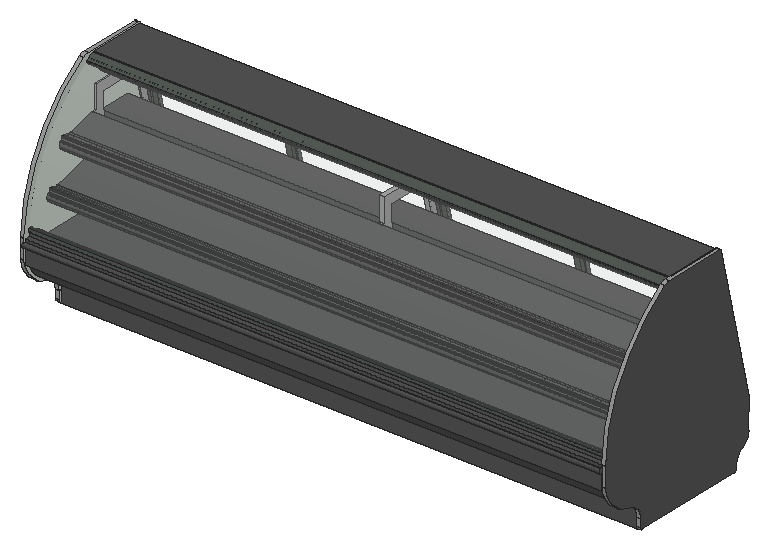
Revit family "ESBDHV_2014", category Specialty Equipment, Revit 2014 (continued)
Automatic sketch dimensions
  Extrusion 23 sketch curve to Extrusion 23 sketch curve = 1.32343"
  Extrusion 23 sketch curve to Extrusion 23 sketch curve = 0.32848"
  Extrusion 23 sketch curve to Extrusion 23 sketch curve = 1.52224"
  Extrusion 23 sketch curve to Extrusion 23 sketch curve = 0.04312"
  Extrusion 23 sketch curve to Extrusion 23 sketch curve = 0.74177"
  Extrusion 23 sketch curve to Extrusion 23 sketch curve = 1.26897"
  Extrusion 23 sketch curve to Extrusion 23 sketch curve = 0.04369"  (x2)
  Extrusion 23 sketch curve to Extrusion 23 sketch curve = 0.7271"  (x2)
  Extrusion 23 sketch curve to Extrusion 23 sketch curve = 0.18734"  (x2)
  Extrusion 23 sketch curve to Extrusion 23 sketch curve = 0.32655"
  Extrusion 23 sketch curve to Extrusion 23 sketch curve = 0.11253"
  Extrusion 23 sketch curve to Extrusion 23 sketch curve = 1/16"
  Extrusion 23 sketch curve to Extrusion 23 sketch curve = 0.75037"  (x2)
  Extrusion 23 sketch curve to Extrusion 23 sketch curve = 0.04149"  (x2)
  Extrusion 23 sketch curve to Extrusion 23 sketch curve = 0.13643"  (x2)
  Extrusion 23 sketch curve to Extrusion 23 sketch curve = 0.3302"  (x2)
  Extrusion 23 sketch curve to Extrusion 23 sketch curve = 0.36935"  (x2)
  Extrusion 23 sketch curve to Extrusion 23 sketch curve = 5.19877"
  Extrusion 23 sketch curve to Extrusion 23 sketch curve = 1.26401"
  Extrusion 23 sketch curve to Extrusion 23 sketch curve = 1.62254"
  Extrusion 23 sketch curve to Extrusion 23 sketch curve = 0.04984"
  Extrusion 23 sketch curve to Extrusion 23 sketch curve = 0.41992"
  Extrusion 23 sketch curve to Extrusion 23 sketch curve = 0.50158"
  Extrusion 23 sketch curve to Extrusion 23 sketch curve = 0.03439"
  Extrusion 23 sketch curve to Extrusion 23 sketch curve = 1.16867"
  Extrusion 26 sketch curve to Extrusion 26 sketch curve = 0.09404"
  Extrusion 26 sketch curve to Extrusion 26 sketch curve = 0.2658"
  Extrusion 26 sketch curve to Extrusion 26 sketch curve = 0.17176"
  Extrusion 26 sketch curve to Extrusion 26 sketch curve = 0.04251"  (x2)
  Extrusion 26 sketch curve to Extrusion 26 sketch curve = 0.04837"  (x2)
  Extrusion 26 sketch curve to Extrusion 26 sketch curve = 0.62722"
  Extrusion 26 sketch curve to Extrusion 26 sketch curve = 0.55908"
  Extrusion 26 sketch curve to Extrusion 26 sketch curve = 0.3471"  (x2)
  Extrusion 26 sketch curve to Extrusion 26 sketch curve = 0.19605"  (x2)
  Extrusion 26 sketch curve to Extrusion 26 sketch curve = 0.05047"  (x2)
  Extrusion 26 sketch curve to Extrusion 26 sketch curve = 0.36832"
  Extrusion 26 sketch curve to Extrusion 26 sketch curve = 0.39422"
  Extrusion 26 sketch curve to Extrusion 26 sketch curve = 0.13378"  (x2)
  Extrusion 26 sketch curve to Extrusion 26 sketch curve = 0.20492"  (x2)
  Extrusion 26 sketch curve to Extrusion 26 sketch curve = 0.25538"
  Extrusion 26 sketch curve to Extrusion 26 sketch curve = 1.85"  (x3)
  Extrusion 26 sketch curve to Extrusion 26 sketch curve = 0.295"  (x2)
  Extrusion 26 sketch curve to Extrusion 26 sketch curve = 0.044"  (x2)
  Extrusion 26 sketch curve to Extrusion 26 sketch curve = 0.57353"
  Extrusion 26 sketch curve to Extrusion 26 sketch curve = 0.63591"
  Extrusion 26 sketch curve to Extrusion 26 sketch curve = 8.04304"
  Extrusion 26 sketch curve to Extrusion 26 sketch curve = 1.33836"
  Extrusion 26 sketch curve to Extrusion 26 sketch curve = 1.70167"
  Extrusion 26 sketch curve to Extrusion 26 sketch curve = 2.15449"
  Extrusion 26 sketch curve to Extrusion 26 sketch curve = 1.36061"  (x2)
  Extrusion 26 sketch curve to Extrusion 26 sketch curve = 3.467"  (x2)
  Extrusion 26 sketch curve to Extrusion 26 sketch curve = 12.13288"
  Extrusion 26 sketch curve to Extrusion 26 sketch curve = 0.39019"
  Extrusion 26 sketch curve to Extrusion 26 sketch curve = 2.70488"
  Extrusion 26 sketch curve to Extrusion 26 sketch curve = 0.0262"
  Extrusion 26 sketch curve to Extrusion 26 sketch curve = 0.10853"
  Extrusion 26 sketch curve to Extrusion 26 sketch curve = 2.3"  (x2)
  Extrusion 26 sketch curve to Extrusion 26 sketch curve = 0.96123"
  Extrusion 26 sketch curve to Extrusion 26 sketch curve = 1.32343"
  Extrusion 26 sketch curve to Extrusion 26 sketch curve = 0.32848"
  Extrusion 26 sketch curve to Extrusion 26 sketch curve = 1.52224"
  Extrusion 26 sketch curve to Extrusion 26 sketch curve = 0.04312"
  Extrusion 26 sketch curve to Extrusion 26 sketch curve = 0.74177"
  Extrusion 26 sketch curve to Extrusion 26 sketch curve = 1.26897"
  Extrusion 26 sketch curve to Extrusion 26 sketch curve = 0.04369"  (x2)
  Extrusion 26 sketch curve to Extrusion 26 sketch curve = 0.7271"  (x2)
  Extrusion 26 sketch curve to Extrusion 26 sketch curve = 0.18734"  (x2)
  Extrusion 26 sketch curve to Extrusion 26 sketch curve = 0.32655"
  Extrusion 26 sketch curve to Extrusion 26 sketch curve = 0.11253"
  Extrusion 26 sketch curve to Extrusion 26 sketch curve = 1/16"
  Extrusion 26 sketch curve to Extrusion 26 sketch curve = 0.75037"  (x2)
  Extrusion 26 sketch curve to Extrusion 26 sketch curve = 0.04149"  (x2)
  Extrusion 26 sketch curve to Extrusion 26 sketch curve = 0.13643"  (x2)
  Extrusion 26 sketch curve to Extrusion 26 sketch curve = 0.3302"  (x2)
  Extrusion 26 sketch curve to Extrusion 26 sketch curve = 0.36935"  (x2)
  Extrusion 26 sketch curve to Extrusion 26 sketch curve = 5.19877"
  Extrusion 26 sketch curve to Extrusion 26 sketch curve = 1.26401"
  Extrusion 26 sketch curve to Extrusion 26 sketch curve = 1.62254"
  Extrusion 26 sketch curve to Extrusion 26 sketch curve = 0.04984"
  Extrusion 26 sketch curve to Extrusion 26 sketch curve = 0.41992"
  Extrusion 26 sketch curve to Extrusion 26 sketch curve = 0.50158"
  Extrusion 26 sketch curve to Extrusion 26 sketch curve = 0.03439"
  Extrusion 26 sketch curve to Extrusion 26 sketch curve = 1.16867"
  Extrusion 25 sketch curve to Extrusion 25 sketch curve = 0.09404"
  Extrusion 25 sketch curve to Extrusion 25 sketch curve = 0.2658"
  Extrusion 25 sketch curve to Extrusion 25 sketch curve = 0.17176"
  Extrusion 25 sketch curve to Extrusion 25 sketch curve = 0.04251"  (x2)
  Extrusion 25 sketch curve to Extrusion 25 sketch curve = 0.04837"  (x2)
  Extrusion 25 sketch curve to Extrusion 25 sketch curve = 0.62722"
  Extrusion 25 sketch curve to Extrusion 25 sketch curve = 0.55908"
  Extrusion 25 sketch curve to Extrusion 25 sketch curve = 0.3471"  (x2)
  Extrusion 25 sketch curve to Extrusion 25 sketch curve = 0.19605"  (x2)
  Extrusion 25 sketch curve to Extrusion 25 sketch curve = 0.05047"  (x2)
  Extrusion 25 sketch curve to Extrusion 25 sketch curve = 0.36832"
  Extrusion 25 sketch curve to Extrusion 25 sketch curve = 0.39422"
  Extrusion 25 sketch curve to Extrusion 25 sketch curve = 0.13378"  (x2)
  Extrusion 25 sketch curve to Extrusion 25 sketch curve = 0.20492"  (x2)
  Extrusion 25 sketch curve to Extrusion 25 sketch curve = 0.25538"
  Extrusion 25 sketch curve to Extrusion 25 sketch curve = 1.85"  (x3)
  Extrusion 25 sketch curve to Extrusion 25 sketch curve = 0.295"  (x2)
  Extrusion 25 sketch curve to Extrusion 25 sketch curve = 0.044"  (x2)
  Extrusion 25 sketch curve to Extrusion 25 sketch curve = 0.57353"
  Extrusion 25 sketch curve to Extrusion 25 sketch curve = 0.63591"
  Extrusion 25 sketch curve to Extrusion 25 sketch curve = 8.04304"
  Extrusion 25 sketch curve to Extrusion 25 sketch curve = 1.33836"
  Extrusion 25 sketch curve to Extrusion 25 sketch curve = 1.70167"
  Extrusion 25 sketch curve to Extrusion 25 sketch curve = 2.15449"
  Extrusion 25 sketch curve to Extrusion 25 sketch curve = 1.36061"  (x2)
  Extrusion 25 sketch curve to Extrusion 25 sketch curve = 3.467"  (x2)
  Extrusion 25 sketch curve to Extrusion 25 sketch curve = 12.13288"
  Extrusion 25 sketch curve to Extrusion 25 sketch curve = 0.39019"
  Extrusion 25 sketch curve to Extrusion 25 sketch curve = 2.70488"
  Extrusion 25 sketch curve to Extrusion 25 sketch curve = 0.0262"
  Extrusion 25 sketch curve to Extrusion 25 sketch curve = 0.10853"
  Extrusion 25 sketch curve to Extrusion 25 sketch curve = 2.3"  (x2)
  Extrusion 25 sketch curve to Extrusion 25 sketch curve = 0.96123"
  Extrusion 25 sketch curve to Extrusion 25 sketch curve = 1.32343"
  Extrusion 25 sketch curve to Extrusion 25 sketch curve = 0.32848"
  Extrusion 25 sketch curve to Extrusion 25 sketch curve = 1.52224"
  Extrusion 25 sketch curve to Extrusion 25 sketch curve = 0.04312"
  Extrusion 25 sketch curve to Extrusion 25 sketch curve = 0.74177"
  Extrusion 25 sketch curve to Extrusion 25 sketch curve = 1.26897"
  Extrusion 25 sketch curve to Extrusion 25 sketch curve = 0.04369"  (x2)
  Extrusion 25 sketch curve to Extrusion 25 sketch curve = 0.7271"  (x2)
  Extrusion 25 sketch curve to Extrusion 25 sketch curve = 0.18734"  (x2)
  Extrusion 25 sketch curve to Extrusion 25 sketch curve = 0.32655"
  Extrusion 25 sketch curve to Extrusion 25 sketch curve = 0.11253"
  Extrusion 25 sketch curve to Extrusion 25 sketch curve = 1/16"
  Extrusion 25 sketch curve to Extrusion 25 sketch curve = 0.75037"  (x2)
  Extrusion 25 sketch curve to Extrusion 25 sketch curve = 0.04149"  (x2)
  Extrusion 25 sketch curve to Extrusion 25 sketch curve = 0.13643"  (x2)
  Extrusion 25 sketch curve to Extrusion 25 sketch curve = 0.3302"  (x2)
  Extrusion 25 sketch curve to Extrusion 25 sketch curve = 0.36935"  (x2)
  Extrusion 25 sketch curve to Extrusion 25 sketch curve = 5.19877"
  Extrusion 25 sketch curve to Extrusion 25 sketch curve = 1.26401"
  Extrusion 25 sketch curve to Extrusion 25 sketch curve = 1.62254"
  Extrusion 25 sketch curve to Extrusion 25 sketch curve = 0.04984"
  Extrusion 25 sketch curve to Extrusion 25 sketch curve = 0.41992"
  Extrusion 25 sketch curve to Extrusion 25 sketch curve = 0.50158"
  Extrusion 25 sketch curve to Extrusion 25 sketch curve = 0.03439"
  Extrusion 25 sketch curve to Extrusion 25 sketch curve = 1.16867"
  Extrusion 14 sketch curve to Extrusion 14 sketch curve = 0.09404"
  Extrusion 14 sketch curve to Extrusion 14 sketch curve = 0.2658"
  Extrusion 14 sketch curve to Extrusion 14 sketch curve = 0.17176"
  Extrusion 14 sketch curve to Extrusion 14 sketch curve = 0.04251"  (x2)
  Extrusion 14 sketch curve to Extrusion 14 sketch curve = 0.04837"  (x2)
  Extrusion 14 sketch curve to Extrusion 14 sketch curve = 0.62722"
  Extrusion 14 sketch curve to Extrusion 14 sketch curve = 0.55908"
  Extrusion 14 sketch curve to Extrusion 14 sketch curve = 0.3471"  (x2)
  Extrusion 14 sketch curve to Extrusion 14 sketch curve = 0.19605"  (x2)
  Extrusion 14 sketch curve to Extrusion 14 sketch curve = 0.05047"  (x2)
  Extrusion 14 sketch curve to Extrusion 14 sketch curve = 0.36832"
  Extrusion 14 sketch curve to Extrusion 14 sketch curve = 0.39422"
  Extrusion 14 sketch curve to Extrusion 14 sketch curve = 0.13378"  (x2)
  Extrusion 14 sketch curve to Extrusion 14 sketch curve = 0.20492"  (x2)
  Extrusion 14 sketch curve to Extrusion 14 sketch curve = 0.25538"
  Extrusion 14 sketch curve to Extrusion 14 sketch curve = 1.85"  (x3)
  Extrusion 14 sketch curve to Extrusion 14 sketch curve = 0.295"  (x2)
  Extrusion 14 sketch curve to Extrusion 14 sketch curve = 0.044"  (x2)
  Extrusion 14 sketch curve to Extrusion 14 sketch curve = 0.57353"
  Extrusion 14 sketch curve to Extrusion 14 sketch curve = 0.63591"
  Extrusion 14 sketch curve to Extrusion 14 sketch curve = 8.04304"
  Extrusion 14 sketch curve to Extrusion 14 sketch curve = 1.33836"
  Extrusion 14 sketch curve to Extrusion 14 sketch curve = 1.70167"
  Extrusion 14 sketch curve to Extrusion 14 sketch curve = 2.15449"
  Extrusion 14 sketch curve to Extrusion 14 sketch curve = 1.36061"  (x2)
  Extrusion 14 sketch curve to Extrusion 14 sketch curve = 3.467"  (x2)
  Extrusion 14 sketch curve to Extrusion 14 sketch curve = 12.13288"
  Extrusion 14 sketch curve to Extrusion 14 sketch curve = 0.39019"
  Extrusion 14 sketch curve to Extrusion 14 sketch curve = 2.70488"
  Extrusion 14 sketch curve to Extrusion 14 sketch curve = 0.0262"
  Extrusion 14 sketch curve to Extrusion 14 sketch curve = 0.10853"
  Extrusion 14 sketch curve to Extrusion 14 sketch curve = 2.3"  (x2)
  Extrusion 14 sketch curve to Extrusion 14 sketch curve = 0.96123"
  Extrusion 14 sketch curve to Extrusion 14 sketch curve = 1.32343"
  Extrusion 14 sketch curve to Extrusion 14 sketch curve = 0.32848"
  Extrusion 14 sketch curve to Extrusion 14 sketch curve = 1.52224"
  Extrusion 14 sketch curve to Extrusion 14 sketch curve = 0.04312"
  Extrusion 14 sketch curve to Extrusion 14 sketch curve = 0.74177"
  Extrusion 14 sketch curve to Extrusion 14 sketch curve = 1.26897"
  Extrusion 14 sketch curve to Extrusion 14 sketch curve = 0.04369"  (x2)
  Extrusion 14 sketch curve to Extrusion 14 sketch curve = 0.7271"  (x2)
  Extrusion 14 sketch curve to Extrusion 14 sketch curve = 0.18734"  (x2)
  Extrusion 14 sketch curve to Extrusion 14 sketch curve = 0.32655"
  Extrusion 14 sketch curve to Extrusion 14 sketch curve = 0.11253"
  Extrusion 14 sketch curve to Extrusion 14 sketch curve = 1/16"
  Extrusion 14 sketch curve to Extrusion 14 sketch curve = 0.75037"  (x2)
  Extrusion 14 sketch curve to Extrusion 14 sketch curve = 0.04149"  (x2)
  Extrusion 14 sketch curve to Extrusion 14 sketch curve = 0.13643"  (x2)
  Extrusion 14 sketch curve to Extrusion 14 sketch curve = 0.3302"  (x2)
  Extrusion 14 sketch curve to Extrusion 14 sketch curve = 0.36935"  (x2)
  Extrusion 14 sketch curve to Extrusion 14 sketch curve = 5.19877"
  Extrusion 14 sketch curve to Extrusion 14 sketch curve = 1.26401"
  Extrusion 14 sketch curve to Extrusion 14 sketch curve = 1.62254"
  Extrusion 14 sketch curve to Extrusion 14 sketch curve = 0.04984"
  Extrusion 14 sketch curve to Extrusion 14 sketch curve = 0.41992"
  Extrusion 14 sketch curve to Extrusion 14 sketch curve = 0.50158"
  Extrusion 14 sketch curve to Extrusion 14 sketch curve = 0.03439"
  Extrusion 14 sketch curve to Extrusion 14 sketch curve = 1.16867"
  Extrusion 29 sketch curve to Extrusion 29 sketch curve = 0.09404"
  Extrusion 29 sketch curve to Extrusion 29 sketch curve = 0.2658"
  Extrusion 29 sketch curve to Extrusion 29 sketch curve = 0.17176"
  Extrusion 29 sketch curve to Extrusion 29 sketch curve = 0.04251"  (x2)
  Extrusion 29 sketch curve to Extrusion 29 sketch curve = 0.04837"  (x2)
  Extrusion 29 sketch curve to Extrusion 29 sketch curve = 0.62722"
  Extrusion 29 sketch curve to Extrusion 29 sketch curve = 0.55908"
  Extrusion 29 sketch curve to Extrusion 29 sketch curve = 0.3471"  (x2)
  Extrusion 29 sketch curve to Extrusion 29 sketch curve = 0.19605"  (x2)
  Extrusion 29 sketch curve to Extrusion 29 sketch curve = 0.05047"  (x2)
  Extrusion 29 sketch curve to Extrusion 29 sketch curve = 0.36832"
  Extrusion 29 sketch curve to Extrusion 29 sketch curve = 0.39422"
  Extrusion 29 sketch curve to Extrusion 29 sketch curve = 0.13378"  (x2)
  Extrusion 29 sketch curve to Extrusion 29 sketch curve = 0.20492"  (x2)
  Extrusion 29 sketch curve to Extrusion 29 sketch curve = 0.25538"
  Extrusion 29 sketch curve to Extrusion 29 sketch curve = 1.85"  (x3)
  Extrusion 29 sketch curve to Extrusion 29 sketch curve = 0.295"  (x2)
  Extrusion 29 sketch curve to Extrusion 29 sketch curve = 0.044"  (x2)
  Extrusion 29 sketch curve to Extrusion 29 sketch curve = 0.57353"
  Extrusion 29 sketch curve to Extrusion 29 sketch curve = 0.63591"
  Extrusion 29 sketch curve to Extrusion 29 sketch curve = 8.04304"
  Extrusion 29 sketch curve to Extrusion 29 sketch curve = 1.33836"
  Extrusion 29 sketch curve to Extrusion 29 sketch curve = 1.70167"
  Extrusion 29 sketch curve to Extrusion 29 sketch curve = 2.15449"
  Extrusion 29 sketch curve to Extrusion 29 sketch curve = 1.36061"  (x2)
  Extrusion 29 sketch curve to Extrusion 29 sketch curve = 3.467"  (x2)
  Extrusion 29 sketch curve to Extrusion 29 sketch curve = 12.13288"
  Extrusion 29 sketch curve to Extrusion 29 sketch curve = 0.39019"
  Extrusion 29 sketch curve to Extrusion 29 sketch curve = 2.70488"
  Extrusion 29 sketch curve to Extrusion 29 sketch curve = 0.0262"
  Extrusion 29 sketch curve to Extrusion 29 sketch curve = 0.10853"
  Extrusion 29 sketch curve to Extrusion 29 sketch curve = 2.3"  (x2)
  Extrusion 29 sketch curve to Extrusion 29 sketch curve = 0.96123"
  Extrusion 29 sketch curve to Extrusion 29 sketch curve = 1.32343"
  Extrusion 29 sketch curve to Extrusion 29 sketch curve = 0.32848"
  Extrusion 29 sketch curve to Extrusion 29 sketch curve = 1.52224"
  Extrusion 29 sketch curve to Extrusion 29 sketch curve = 0.04312"
  Extrusion 29 sketch curve to Extrusion 29 sketch curve = 0.74177"
  Extrusion 29 sketch curve to Extrusion 29 sketch curve = 1.26897"
  Extrusion 29 sketch curve to Extrusion 29 sketch curve = 0.04369"  (x2)
  Extrusion 29 sketch curve to Extrusion 29 sketch curve = 0.7271"  (x2)
  Extrusion 29 sketch curve to Extrusion 29 sketch curve = 0.18734"  (x2)
  Extrusion 29 sketch curve to Extrusion 29 sketch curve = 0.32655"
  Extrusion 29 sketch curve to Extrusion 29 sketch curve = 0.11253"
  Extrusion 29 sketch curve to Extrusion 29 sketch curve = 1/16"
  Extrusion 29 sketch curve to Extrusion 29 sketch curve = 0.75037"  (x2)
  Extrusion 29 sketch curve to Extrusion 29 sketch curve = 0.04149"  (x2)
  Extrusion 29 sketch curve to Extrusion 29 sketch curve = 0.13643"  (x2)
  Extrusion 29 sketch curve to Extrusion 29 sketch curve = 0.3302"  (x2)
  Extrusion 29 sketch curve to Extrusion 29 sketch curve = 0.36935"  (x2)
  Extrusion 29 sketch curve to Extrusion 29 sketch curve = 5.19877"
  Extrusion 29 sketch curve to Extrusion 29 sketch curve = 1.26401"
  Extrusion 29 sketch curve to Extrusion 29 sketch curve = 1.62254"
  Extrusion 29 sketch curve to Extrusion 29 sketch curve = 0.04984"
  Extrusion 29 sketch curve to Extrusion 29 sketch curve = 0.41992"
  Extrusion 29 sketch curve to Extrusion 29 sketch curve = 0.50158"
  Extrusion 29 sketch curve to Extrusion 29 sketch curve = 0.03439"
  Extrusion 29 sketch curve to Extrusion 29 sketch curve = 1.16867"
  Extrusion 28 sketch curve to Extrusion 28 sketch curve = 0.09404"
  Extrusion 28 sketch curve to Extrusion 28 sketch curve = 0.2658"
  Extrusion 28 sketch curve to Extrusion 28 sketch curve = 0.17176"
  Extrusion 28 sketch curve to Extrusion 28 sketch curve = 0.04251"  (x2)
  Extrusion 28 sketch curve to Extrusion 28 sketch curve = 0.04837"  (x2)
  Extrusion 28 sketch curve to Extrusion 28 sketch curve = 0.62722"
  Extrusion 28 sketch curve to Extrusion 28 sketch curve = 0.55908"
  Extrusion 28 sketch curve to Extrusion 28 sketch curve = 0.3471"  (x2)
  Extrusion 28 sketch curve to Extrusion 28 sketch curve = 0.19605"  (x2)
  Extrusion 28 sketch curve to Extrusion 28 sketch curve = 0.05047"  (x2)
  Extrusion 28 sketch curve to Extrusion 28 sketch curve = 0.36832"
  Extrusion 28 sketch curve to Extrusion 28 sketch curve = 0.39422"
  Extrusion 28 sketch curve to Extrusion 28 sketch curve = 0.13378"  (x2)
  Extrusion 28 sketch curve to Extrusion 28 sketch curve = 0.20492"  (x2)
  Extrusion 28 sketch curve to Extrusion 28 sketch curve = 0.25538"
  Extrusion 28 sketch curve to Extrusion 28 sketch curve = 1.85"  (x3)
  Extrusion 28 sketch curve to Extrusion 28 sketch curve = 0.295"  (x2)
  Extrusion 28 sketch curve to Extrusion 28 sketch curve = 0.044"  (x2)
  Extrusion 28 sketch curve to Extrusion 28 sketch curve = 0.57353"
  Extrusion 28 sketch curve to Extrusion 28 sketch curve = 0.63591"
  Extrusion 28 sketch curve to Extrusion 28 sketch curve = 8.04304"
  Extrusion 28 sketch curve to Extrusion 28 sketch curve = 1.33836"
  Extrusion 28 sketch curve to Extrusion 28 sketch curve = 1.70167"
  Extrusion 28 sketch curve to Extrusion 28 sketch curve = 2.15449"
  Extrusion 28 sketch curve to Extrusion 28 sketch curve = 1.36061"  (x2)
  Extrusion 28 sketch curve to Extrusion 28 sketch curve = 3.467"  (x2)
  Extrusion 28 sketch curve to Extrusion 28 sketch curve = 12.13288"
  Extrusion 28 sketch curve to Extrusion 28 sketch curve = 0.39019"
  Extrusion 28 sketch curve to Extrusion 28 sketch curve = 2.70488"
  Extrusion 28 sketch curve to Extrusion 28 sketch curve = 0.0262"
  Extrusion 28 sketch curve to Extrusion 28 sketch curve = 0.10853"
  Extrusion 28 sketch curve to Extrusion 28 sketch curve = 2.3"  (x2)
  Extrusion 28 sketch curve to Extrusion 28 sketch curve = 0.96123"
  Extrusion 28 sketch curve to Extrusion 28 sketch curve = 1.32343"
  Extrusion 28 sketch curve to Extrusion 28 sketch curve = 0.32848"
  Extrusion 28 sketch curve to Extrusion 28 sketch curve = 1.52224"
  Extrusion 28 sketch curve to Extrusion 28 sketch curve = 0.04312"
  Extrusion 28 sketch curve to Extrusion 28 sketch curve = 0.74177"
  Extrusion 28 sketch curve to Extrusion 28 sketch curve = 1.26897"
  Extrusion 28 sketch curve to Extrusion 28 sketch curve = 0.04369"  (x2)
  Extrusion 28 sketch curve to Extrusion 28 sketch curve = 0.7271"  (x2)
  Extrusion 28 sketch curve to Extrusion 28 sketch curve = 0.18734"  (x2)
  Extrusion 28 sketch curve to Extrusion 28 sketch curve = 0.32655"
  Extrusion 28 sketch curve to Extrusion 28 sketch curve = 0.11253"
  Extrusion 28 sketch curve to Extrusion 28 sketch curve = 1/16"
  Extrusion 28 sketch curve to Extrusion 28 sketch curve = 0.75037"  (x2)
  Extrusion 28 sketch curve to Extrusion 28 sketch curve = 0.04149"  (x2)
  Extrusion 28 sketch curve to Extrusion 28 sketch curve = 0.13643"  (x2)
  Extrusion 28 sketch curve to Extrusion 28 sketch curve = 0.3302"  (x2)
  Extrusion 28 sketch curve to Extrusion 28 sketch curve = 0.36935"  (x2)
  Extrusion 28 sketch curve to Extrusion 28 sketch curve = 5.19877"
  Extrusion 28 sketch curve to Extrusion 28 sketch curve = 1.26401"
  Extrusion 28 sketch curve to Extrusion 28 sketch curve = 1.62254"
  Extrusion 28 sketch curve to Extrusion 28 sketch curve = 0.04984"
  Extrusion 28 sketch curve to Extrusion 28 sketch curve = 0.41992"
  Extrusion 28 sketch curve to Extrusion 28 sketch curve = 0.50158"
  Extrusion 28 sketch curve to Extrusion 28 sketch curve = 0.03439"
  Extrusion 28 sketch curve to Extrusion 28 sketch curve = 1.16867"
  Extrusion 27 sketch curve to Extrusion 27 sketch curve = 0.09404"
  Extrusion 27 sketch curve to Extrusion 27 sketch curve = 0.2658"
  Extrusion 27 sketch curve to Extrusion 27 sketch curve = 0.17176"
  Extrusion 27 sketch curve to Extrusion 27 sketch curve = 0.04251"  (x2)
  Extrusion 27 sketch curve to Extrusion 27 sketch curve = 0.04837"  (x2)
  Extrusion 27 sketch curve to Extrusion 27 sketch curve = 0.62722"
  Extrusion 27 sketch curve to Extrusion 27 sketch curve = 0.55908"
  Extrusion 27 sketch curve to Extrusion 27 sketch curve = 0.3471"  (x2)
  Extrusion 27 sketch curve to Extrusion 27 sketch curve = 0.19605"  (x2)
  Extrusion 27 sketch curve to Extrusion 27 sketch curve = 0.05047"  (x2)
  Extrusion 27 sketch curve to Extrusion 27 sketch curve = 0.36832"
  Extrusion 27 sketch curve to Extrusion 27 sketch curve = 0.39422"
  Extrusion 27 sketch curve to Extrusion 27 sketch curve = 0.13378"  (x2)
  Extrusion 27 sketch curve to Extrusion 27 sketch curve = 0.20492"  (x2)
  Extrusion 27 sketch curve to Extrusion 27 sketch curve = 0.25538"
  Extrusion 27 sketch curve to Extrusion 27 sketch curve = 1.85"  (x3)
  Extrusion 27 sketch curve to Extrusion 27 sketch curve = 0.295"  (x2)
  Extrusion 27 sketch curve to Extrusion 27 sketch curve = 0.044"  (x2)
  Extrusion 27 sketch curve to Extrusion 27 sketch curve = 0.57353"
  Extrusion 27 sketch curve to Extrusion 27 sketch curve = 0.63591"
  Extrusion 27 sketch curve to Extrusion 27 sketch curve = 8.04304"
  Extrusion 27 sketch curve to Extrusion 27 sketch curve = 1.33836"
  Extrusion 27 sketch curve to Extrusion 27 sketch curve = 1.70167"
  Extrusion 27 sketch curve to Extrusion 27 sketch curve = 2.15449"
  Extrusion 27 sketch curve to Extrusion 27 sketch curve = 1.36061"  (x2)
  Extrusion 27 sketch curve to Extrusion 27 sketch curve = 3.467"  (x2)
  Extrusion 27 sketch curve to Extrusion 27 sketch curve = 12.13288"
  Extrusion 27 sketch curve to Extrusion 27 sketch curve = 0.39019"
  Extrusion 27 sketch curve to Extrusion 27 sketch curve = 2.70488"
  Extrusion 27 sketch curve to Extrusion 27 sketch curve = 0.0262"
  Extrusion 27 sketch curve to Extrusion 27 sketch curve = 0.10853"
  Extrusion 27 sketch curve to Extrusion 27 sketch curve = 2.3"  (x2)
  Extrusion 27 sketch curve to Extrusion 27 sketch curve = 0.96123"
  Extrusion 27 sketch curve to Extrusion 27 sketch curve = 1.32343"
  Extrusion 27 sketch curve to Extrusion 27 sketch curve = 0.32848"
  Extrusion 27 sketch curve to Extrusion 27 sketch curve = 1.52224"
  Extrusion 27 sketch curve to Extrusion 27 sketch curve = 0.04312"
  Extrusion 27 sketch curve to Extrusion 27 sketch curve = 0.74177"
  Extrusion 27 sketch curve to Extrusion 27 sketch curve = 1.26897"
  Extrusion 27 sketch curve to Extrusion 27 sketch curve = 0.04369"  (x2)
  Extrusion 27 sketch curve to Extrusion 27 sketch curve = 0.7271"  (x2)
  Extrusion 27 sketch curve to Extrusion 27 sketch curve = 0.18734"  (x2)
  Extrusion 27 sketch curve to Extrusion 27 sketch curve = 0.32655"
  Extrusion 27 sketch curve to Extrusion 27 sketch curve = 0.11253"
  Extrusion 27 sketch curve to Extrusion 27 sketch curve = 1/16"
  Extrusion 27 sketch curve to Extrusion 27 sketch curve = 0.75037"  (x2)
  Extrusion 27 sketch curve to Extrusion 27 sketch curve = 0.04149"  (x2)
  Extrusion 27 sketch curve to Extrusion 27 sketch curve = 0.13643"  (x2)
  Extrusion 27 sketch curve to Extrusion 27 sketch curve = 0.3302"  (x2)
  Extrusion 27 sketch curve to Extrusion 27 sketch curve = 0.36935"  (x2)
  Extrusion 27 sketch curve to Extrusion 27 sketch curve = 5.19877"
  Extrusion 27 sketch curve to Extrusion 27 sketch curve = 1.26401"
  Extrusion 27 sketch curve to Extrusion 27 sketch curve = 1.62254"
  Extrusion 27 sketch curve to Extrusion 27 sketch curve = 0.04984"
  Extrusion 27 sketch curve to Extrusion 27 sketch curve = 0.41992"
  Extrusion 27 sketch curve to Extrusion 27 sketch curve = 0.50158"
  Extrusion 27 sketch curve to Extrusion 27 sketch curve = 0.03439"
  Extrusion 27 sketch curve to Extrusion 27 sketch curve = 1.16867"
  Extrusion 18 sketch curve to Extrusion 18 sketch curve = 0.09404"
  Extrusion 18 sketch curve to Extrusion 18 sketch curve = 0.2658"
  Extrusion 18 sketch curve to Extrusion 18 sketch curve = 0.17176"
  Extrusion 18 sketch curve to Extrusion 18 sketch curve = 0.04251"  (x2)
  Extrusion 18 sketch curve to Extrusion 18 sketch curve = 0.04837"  (x2)
  Extrusion 18 sketch curve to Extrusion 18 sketch curve = 0.62722"
  Extrusion 18 sketch curve to Extrusion 18 sketch curve = 0.55908"
  Extrusion 18 sketch curve to Extrusion 18 sketch curve = 0.3471"  (x2)
  Extrusion 18 sketch curve to Extrusion 18 sketch curve = 0.19605"  (x2)
  Extrusion 18 sketch curve to Extrusion 18 sketch curve = 0.05047"  (x2)
  Extrusion 18 sketch curve to Extrusion 18 sketch curve = 0.36832"
  Extrusion 18 sketch curve to Extrusion 18 sketch curve = 0.39422"
  Extrusion 18 sketch curve to Extrusion 18 sketch curve = 0.13378"  (x2)
  Extrusion 18 sketch curve to Extrusion 18 sketch curve = 0.20492"  (x2)
  Extrusion 18 sketch curve to Extrusion 18 sketch curve = 0.25538"
  Extrusion 18 sketch curve to Extrusion 18 sketch curve = 1.85"  (x3)
  Extrusion 18 sketch curve to Extrusion 18 sketch curve = 0.295"  (x2)
  Extrusion 18 sketch curve to Extrusion 18 sketch curve = 0.044"  (x2)
  Extrusion 18 sketch curve to Extrusion 18 sketch curve = 0.57353"
  Extrusion 18 sketch curve to Extrusion 18 sketch curve = 0.63591"
  Extrusion 18 sketch curve to Extrusion 18 sketch curve = 8.04304"
  Extrusion 18 sketch curve to Extrusion 18 sketch curve = 1.33836"
  Extrusion 18 sketch curve to Extrusion 18 sketch curve = 1.70167"
  Extrusion 18 sketch curve to Extrusion 18 sketch curve = 2.15449"
  Extrusion 18 sketch curve to Extrusion 18 sketch curve = 1.36061"  (x2)
  Extrusion 18 sketch curve to Extrusion 18 sketch curve = 3.467"  (x2)
  Extrusion 18 sketch curve to Extrusion 18 sketch curve = 12.13288"
  Extrusion 18 sketch curve to Extrusion 18 sketch curve = 0.39019"
  Extrusion 18 sketch curve to Extrusion 18 sketch curve = 2.70488"
  Extrusion 18 sketch curve to Extrusion 18 sketch curve = 0.0262"
  Extrusion 18 sketch curve to Extrusion 18 sketch curve = 0.10853"
  Extrusion 18 sketch curve to Extrusion 18 sketch curve = 2.3"  (x2)
  Extrusion 18 sketch curve to Extrusion 18 sketch curve = 0.96123"
  Extrusion 18 sketch curve to Extrusion 18 sketch curve = 1.32343"
  Extrusion 18 sketch curve to Extrusion 18 sketch curve = 0.32848"
  Extrusion 18 sketch curve to Extrusion 18 sketch curve = 1.52224"
  Extrusion 18 sketch curve to Extrusion 18 sketch curve = 0.04312"
  Extrusion 18 sketch curve to Extrusion 18 sketch curve = 0.74177"
  Extrusion 18 sketch curve to Extrusion 18 sketch curve = 1.26897"
  Extrusion 18 sketch curve to Extrusion 18 sketch curve = 0.04369"  (x2)
  Extrusion 18 sketch curve to Extrusion 18 sketch curve = 0.7271"  (x2)
  Extrusion 18 sketch curve to Extrusion 18 sketch curve = 0.18734"  (x2)
  Extrusion 18 sketch curve to Extrusion 18 sketch curve = 0.32655"
  Extrusion 18 sketch curve to Extrusion 18 sketch curve = 0.11253"
  Extrusion 18 sketch curve to Extrusion 18 sketch curve = 1/16"
  Extrusion 18 sketch curve to Extrusion 18 sketch curve = 0.75037"  (x2)
  Extrusion 18 sketch curve to Extrusion 18 sketch curve = 0.04149"  (x2)
  Extrusion 18 sketch curve to Extrusion 18 sketch curve = 0.13643"  (x2)
  Extrusion 18 sketch curve to Extrusion 18 sketch curve = 0.3302"  (x2)
  Extrusion 18 sketch curve to Extrusion 18 sketch curve = 0.36935"  (x2)
  Extrusion 18 sketch curve to Extrusion 18 sketch curve = 5.19877"
  Extrusion 18 sketch curve to Extrusion 18 sketch curve = 1.26401"
  Extrusion 18 sketch curve to Extrusion 18 sketch curve = 1.62254"
  Extrusion 18 sketch curve to Extrusion 18 sketch curve = 0.04984"
  Extrusion 18 sketch curve to Extrusion 18 sketch curve = 0.41992"
  Extrusion 18 sketch curve to Extrusion 18 sketch curve = 0.50158"
  Extrusion 18 sketch curve to Extrusion 18 sketch curve = 0.03439"
  Extrusion 18 sketch curve to Extrusion 18 sketch curve = 1.16867"
  Extrusion 16 sketch curve to Extrusion 16 sketch curve = 0.09404"
  Extrusion 16 sketch curve to Extrusion 16 sketch curve = 0.2658"
  Extrusion 16 sketch curve to Extrusion 16 sketch curve = 0.17176"
  Extrusion 16 sketch curve to Extrusion 16 sketch curve = 0.04251"  (x2)
  Extrusion 16 sketch curve to Extrusion 16 sketch curve = 0.04837"  (x2)
  Extrusion 16 sketch curve to Extrusion 16 sketch curve = 0.62722"
  Extrusion 16 sketch curve to Extrusion 16 sketch curve = 0.55908"
  Extrusion 16 sketch curve to Extrusion 16 sketch curve = 0.3471"  (x2)
  Extrusion 16 sketch curve to Extrusion 16 sketch curve = 0.19605"  (x2)
  Extrusion 16 sketch curve to Extrusion 16 sketch curve = 0.05047"  (x2)
  Extrusion 16 sketch curve to Extrusion 16 sketch curve = 0.36832"
  Extrusion 16 sketch curve to Extrusion 16 sketch curve = 0.39422"
  Extrusion 16 sketch curve to Extrusion 16 sketch curve = 0.13378"  (x2)
  Extrusion 16 sketch curve to Extrusion 16 sketch curve = 0.20492"  (x2)
  Extrusion 16 sketch curve to Extrusion 16 sketch curve = 0.25538"
  Extrusion 16 sketch curve to Extrusion 16 sketch curve = 1.85"  (x3)
  Extrusion 16 sketch curve to Extrusion 16 sketch curve = 0.295"  (x2)
  Extrusion 16 sketch curve to Extrusion 16 sketch curve = 0.044"  (x2)
  Extrusion 16 sketch curve to Extrusion 16 sketch curve = 0.57353"
  Extrusion 16 sketch curve to Extrusion 16 sketch curve = 0.63591"
  Extrusion 16 sketch curve to Extrusion 16 sketch curve = 8.04304"
  Extrusion 16 sketch curve to Extrusion 16 sketch curve = 1.33836"
  Extrusion 16 sketch curve to Extrusion 16 sketch curve = 1.70167"
  Extrusion 16 sketch curve to Extrusion 16 sketch curve = 2.15449"
  Extrusion 16 sketch curve to Extrusion 16 sketch curve = 1.36061"  (x2)
  Extrusion 16 sketch curve to Extrusion 16 sketch curve = 3.467"  (x2)
  Extrusion 16 sketch curve to Extrusion 16 sketch curve = 12.13288"
  Extrusion 16 sketch curve to Extrusion 16 sketch curve = 0.39019"
  Extrusion 16 sketch curve to Extrusion 16 sketch curve = 2.70488"
  Extrusion 16 sketch curve to Extrusion 16 sketch curve = 0.0262"
  Extrusion 16 sketch curve to Extrusion 16 sketch curve = 0.10853"
  Extrusion 16 sketch curve to Extrusion 16 sketch curve = 2.3"  (x2)
  Extrusion 16 sketch curve to Extrusion 16 sketch curve = 0.96123"
  Extrusion 16 sketch curve to Extrusion 16 sketch curve = 1.32343"
  Extrusion 16 sketch curve to Extrusion 16 sketch curve = 0.32848"
  Extrusion 16 sketch curve to Extrusion 16 sketch curve = 1.52224"
  Extrusion 16 sketch curve to Extrusion 16 sketch curve = 0.04312"
  Extrusion 16 sketch curve to Extrusion 16 sketch curve = 0.74177"
  Extrusion 16 sketch curve to Extrusion 16 sketch curve = 1.26897"
  Extrusion 16 sketch curve to Extrusion 16 sketch curve = 0.04369"  (x2)
  Extrusion 16 sketch curve to Extrusion 16 sketch curve = 0.7271"  (x2)
  Extrusion 16 sketch curve to Extrusion 16 sketch curve = 0.18734"  (x2)
  Extrusion 16 sketch curve to Extrusion 16 sketch curve = 0.32655"
  Extrusion 16 sketch curve to Extrusion 16 sketch curve = 0.11253"
  Extrusion 16 sketch curve to Extrusion 16 sketch curve = 1/16"
  Extrusion 16 sketch curve to Extrusion 16 sketch curve = 0.75037"  (x2)
  Extrusion 16 sketch curve to Extrusion 16 sketch curve = 0.04149"  (x2)
  Extrusion 16 sketch curve to Extrusion 16 sketch curve = 0.13643"  (x2)
  Extrusion 16 sketch curve to Extrusion 16 sketch curve = 0.3302"  (x2)
  Extrusion 16 sketch curve to Extrusion 16 sketch curve = 0.36935"  (x2)
  Extrusion 16 sketch curve to Extrusion 16 sketch curve = 5.19877"
  Extrusion 16 sketch curve to Extrusion 16 sketch curve = 1.26401"
  Extrusion 16 sketch curve to Extrusion 16 sketch curve = 1.62254"
  Extrusion 16 sketch curve to Extrusion 16 sketch curve = 0.04984"
  Extrusion 16 sketch curve to Extrusion 16 sketch curve = 0.41992"
  Extrusion 16 sketch curve to Extrusion 16 sketch curve = 0.50158"
  Extrusion 16 sketch curve to Extrusion 16 sketch curve = 0.03439"
  Extrusion 16 sketch curve to Extrusion 16 sketch curve = 1.16867"
  Extrusion 17 sketch curve to Extrusion 17 sketch curve = 0.09404"
  Extrusion 17 sketch curve to Extrusion 17 sketch curve = 0.2658"
  Extrusion 17 sketch curve to Extrusion 17 sketch curve = 0.17176"
  Extrusion 17 sketch curve to Extrusion 17 sketch curve = 0.04251"  (x2)
  Extrusion 17 sketch curve to Extrusion 17 sketch curve = 0.04837"  (x2)
  Extrusion 17 sketch curve to Extrusion 17 sketch curve = 0.62722"
  Extrusion 17 sketch curve to Extrusion 17 sketch curve = 0.55908"
  Extrusion 17 sketch curve to Extrusion 17 sketch curve = 0.3471"  (x2)
  Extrusion 17 sketch curve to Extrusion 17 sketch curve = 0.19605"  (x2)
  Extrusion 17 sketch curve to Extrusion 17 sketch curve = 0.05047"  (x2)
  Extrusion 17 sketch curve to Extrusion 17 sketch curve = 0.36832"
  Extrusion 17 sketch curve to Extrusion 17 sketch curve = 0.39422"
  Extrusion 17 sketch curve to Extrusion 17 sketch curve = 0.13378"  (x2)
  Extrusion 17 sketch curve to Extrusion 17 sketch curve = 0.20492"  (x2)
  Extrusion 17 sketch curve to Extrusion 17 sketch curve = 0.25538"
  Extrusion 17 sketch curve to Extrusion 17 sketch curve = 1.85"  (x3)
  Extrusion 17 sketch curve to Extrusion 17 sketch curve = 0.295"  (x2)
  Extrusion 17 sketch curve to Extrusion 17 sketch curve = 0.044"  (x2)
  Extrusion 17 sketch curve to Extrusion 17 sketch curve = 0.57353"
  Extrusion 17 sketch curve to Extrusion 17 sketch curve = 0.63591"
  Extrusion 17 sketch curve to Extrusion 17 sketch curve = 8.04304"
  Extrusion 17 sketch curve to Extrusion 17 sketch curve = 1.33836"
  Extrusion 17 sketch curve to Extrusion 17 sketch curve = 1.70167"
  Extrusion 17 sketch curve to Extrusion 17 sketch curve = 2.15449"
  Extrusion 17 sketch curve to Extrusion 17 sketch curve = 1.36061"  (x2)
  Extrusion 17 sketch curve to Extrusion 17 sketch curve = 3.467"  (x2)
  Extrusion 17 sketch curve to Extrusion 17 sketch curve = 12.13288"
  Extrusion 17 sketch curve to Extrusion 17 sketch curve = 0.39019"
  Extrusion 17 sketch curve to Extrusion 17 sketch curve = 2.70488"
  Extrusion 17 sketch curve to Extrusion 17 sketch curve = 0.0262"
  Extrusion 17 sketch curve to Extrusion 17 sketch curve = 0.10853"
  Extrusion 17 sketch curve to Extrusion 17 sketch curve = 2.3"  (x2)
  Extrusion 17 sketch curve to Extrusion 17 sketch curve = 0.96123"
  Extrusion 17 sketch curve to Extrusion 17 sketch curve = 1.32343"
  Extrusion 17 sketch curve to Extrusion 17 sketch curve = 0.32848"
  Extrusion 17 sketch curve to Extrusion 17 sketch curve = 1.52224"
  Extrusion 17 sketch curve to Extrusion 17 sketch curve = 0.04312"
  Extrusion 17 sketch curve to Extrusion 17 sketch curve = 0.74177"
  Extrusion 17 sketch curve to Extrusion 17 sketch curve = 1.26897"
  Extrusion 17 sketch curve to Extrusion 17 sketch curve = 0.04369"  (x2)
  Extrusion 17 sketch curve to Extrusion 17 sketch curve = 0.7271"  (x2)
  Extrusion 17 sketch curve to Extrusion 17 sketch curve = 0.18734"  (x2)
  Extrusion 17 sketch curve to Extrusion 17 sketch curve = 0.32655"
  Extrusion 17 sketch curve to Extrusion 17 sketch curve = 0.11253"
  Extrusion 17 sketch curve to Extrusion 17 sketch curve = 1/16"
  Extrusion 17 sketch curve to Extrusion 17 sketch curve = 0.75037"  (x2)
  Extrusion 17 sketch curve to Extrusion 17 sketch curve = 0.04149"  (x2)
  Extrusion 17 sketch curve to Extrusion 17 sketch curve = 0.13643"  (x2)
  Extrusion 17 sketch curve to Extrusion 17 sketch curve = 0.3302"  (x2)
  Extrusion 17 sketch curve to Extrusion 17 sketch curve = 0.36935"  (x2)
  Extrusion 17 sketch curve to Extrusion 17 sketch curve = 5.19877"
  Extrusion 17 sketch curve to Extrusion 17 sketch curve = 1.26401"
  Extrusion 17 sketch curve to Extrusion 17 sketch curve = 1.62254"
  Extrusion 17 sketch curve to Extrusion 17 sketch curve = 0.04984"
  Extrusion 17 sketch curve to Extrusion 17 sketch curve = 0.41992"
  Extrusion 17 sketch curve to Extrusion 17 sketch curve = 0.50158"
  Extrusion 17 sketch curve to Extrusion 17 sketch curve = 0.03439"
  Extrusion 17 sketch curve to Extrusion 17 sketch curve = 1.16867"
  Extrusion 21 sketch curve to Extrusion 21 sketch curve = 0.09404"
  Extrusion 21 sketch curve to Extrusion 21 sketch curve = 0.2658"
  Extrusion 21 sketch curve to Extrusion 21 sketch curve = 0.17176"
  Extrusion 21 sketch curve to Extrusion 21 sketch curve = 0.04251"  (x2)
  Extrusion 21 sketch curve to Extrusion 21 sketch curve = 0.04837"  (x2)
  Extrusion 21 sketch curve to Extrusion 21 sketch curve = 0.62722"
  Extrusion 21 sketch curve to Extrusion 21 sketch curve = 0.55908"
  Extrusion 21 sketch curve to Extrusion 21 sketch curve = 0.3471"  (x2)
  Extrusion 21 sketch curve to Extrusion 21 sketch curve = 0.19605"  (x2)
  Extrusion 21 sketch curve to Extrusion 21 sketch curve = 0.05047"  (x2)
  Extrusion 21 sketch curve to Extrusion 21 sketch curve = 0.36832"
  Extrusion 21 sketch curve to Extrusion 21 sketch curve = 0.39422"
  Extrusion 21 sketch curve to Extrusion 21 sketch curve = 0.13378"  (x2)
  Extrusion 21 sketch curve to Extrusion 21 sketch curve = 0.20492"  (x2)
  Extrusion 21 sketch curve to Extrusion 21 sketch curve = 0.25538"
  Extrusion 21 sketch curve to Extrusion 21 sketch curve = 1.85"  (x3)
  Extrusion 21 sketch curve to Extrusion 21 sketch curve = 0.295"  (x2)
  Extrusion 21 sketch curve to Extrusion 21 sketch curve = 0.044"  (x2)
  Extrusion 21 sketch curve to Extrusion 21 sketch curve = 0.57353"
  Extrusion 21 sketch curve to Extrusion 21 sketch curve = 0.63591"
  Extrusion 21 sketch curve to Extrusion 21 sketch curve = 8.04304"
  Extrusion 21 sketch curve to Extrusion 21 sketch curve = 1.33836"
  Extrusion 21 sketch curve to Extrusion 21 sketch curve = 1.70167"
  Extrusion 21 sketch curve to Extrusion 21 sketch curve = 2.15449"
  Extrusion 21 sketch curve to Extrusion 21 sketch curve = 1.36061"  (x2)
  Extrusion 21 sketch curve to Extrusion 21 sketch curve = 3.467"  (x2)
  Extrusion 21 sketch curve to Extrusion 21 sketch curve = 12.13288"
  Extrusion 21 sketch curve to Extrusion 21 sketch curve = 0.39019"
  Extrusion 21 sketch curve to Extrusion 21 sketch curve = 2.70488"
  Extrusion 21 sketch curve to Extrusion 21 sketch curve = 0.0262"
  Extrusion 21 sketch curve to Extrusion 21 sketch curve = 0.10853"
  Extrusion 21 sketch curve to Extrusion 21 sketch curve = 2.3"  (x2)
  Extrusion 21 sketch curve to Extrusion 21 sketch curve = 0.96123"
  Extrusion 21 sketch curve to Extrusion 21 sketch curve = 1.32343"
  Extrusion 21 sketch curve to Extrusion 21 sketch curve = 0.32848"
  Extrusion 21 sketch curve to Extrusion 21 sketch curve = 1.52224"
  Extrusion 21 sketch curve to Extrusion 21 sketch curve = 0.04312"
  Extrusion 21 sketch curve to Extrusion 21 sketch curve = 0.74177"
  Extrusion 21 sketch curve to Extrusion 21 sketch curve = 1.26897"
  Extrusion 21 sketch curve to Extrusion 21 sketch curve = 0.04369"  (x2)
  Extrusion 21 sketch curve to Extrusion 21 sketch curve = 0.7271"  (x2)
  Extrusion 21 sketch curve to Extrusion 21 sketch curve = 0.18734"  (x2)
  Extrusion 21 sketch curve to Extrusion 21 sketch curve = 0.32655"
  Extrusion 21 sketch curve to Extrusion 21 sketch curve = 0.11253"
  Extrusion 21 sketch curve to Extrusion 21 sketch curve = 1/16"
  Extrusion 21 sketch curve to Extrusion 21 sketch curve = 0.75037"  (x2)
  Extrusion 21 sketch curve to Extrusion 21 sketch curve = 0.04149"  (x2)
  Extrusion 21 sketch curve to Extrusion 21 sketch curve = 0.13643"  (x2)
  Extrusion 21 sketch curve to Extrusion 21 sketch curve = 0.3302"  (x2)
  Extrusion 21 sketch curve to Extrusion 21 sketch curve = 0.36935"  (x2)
  Extrusion 21 sketch curve to Extrusion 21 sketch curve = 5.19877"
  Extrusion 21 sketch curve to Extrusion 21 sketch curve = 1.26401"
  Extrusion 21 sketch curve to Extrusion 21 sketch curve = 1.62254"
  Extrusion 21 sketch curve to Extrusion 21 sketch curve = 0.04984"
  Extrusion 21 sketch curve to Extrusion 21 sketch curve = 0.41992"
  Extrusion 21 sketch curve to Extrusion 21 sketch curve = 0.50158"
  Extrusion 21 sketch curve to Extrusion 21 sketch curve = 0.03439"
  Extrusion 21 sketch curve to Extrusion 21 sketch curve = 1.16867"
  Extrusion 19 sketch curve to Extrusion 19 sketch curve = 0.09404"
  Extrusion 19 sketch curve to Extrusion 19 sketch curve = 0.2658"
  Extrusion 19 sketch curve to Extrusion 19 sketch curve = 0.17176"
  Extrusion 19 sketch curve to Extrusion 19 sketch curve = 0.04251"  (x2)
  Extrusion 19 sketch curve to Extrusion 19 sketch curve = 0.04837"  (x2)
  Extrusion 19 sketch curve to Extrusion 19 sketch curve = 0.62722"
  Extrusion 19 sketch curve to Extrusion 19 sketch curve = 0.55908"
  Extrusion 19 sketch curve to Extrusion 19 sketch curve = 0.3471"  (x2)
  Extrusion 19 sketch curve to Extrusion 19 sketch curve = 0.19605"  (x2)
  Extrusion 19 sketch curve to Extrusion 19 sketch curve = 0.05047"  (x2)
  Extrusion 19 sketch curve to Extrusion 19 sketch curve = 0.36832"
  Extrusion 19 sketch curve to Extrusion 19 sketch curve = 0.39422"
  Extrusion 19 sketch curve to Extrusion 19 sketch curve = 0.13378"  (x2)
  Extrusion 19 sketch curve to Extrusion 19 sketch curve = 0.20492"  (x2)
  Extrusion 19 sketch curve to Extrusion 19 sketch curve = 0.25538"
  Extrusion 19 sketch curve to Extrusion 19 sketch curve = 1.85"  (x3)
  Extrusion 19 sketch curve to Extrusion 19 sketch curve = 0.295"  (x2)
  Extrusion 19 sketch curve to Extrusion 19 sketch curve = 0.044"  (x2)
  Extrusion 19 sketch curve to Extrusion 19 sketch curve = 0.57353"
  Extrusion 19 sketch curve to Extrusion 19 sketch curve = 0.63591"
  Extrusion 19 sketch curve to Extrusion 19 sketch curve = 8.04304"
  Extrusion 19 sketch curve to Extrusion 19 sketch curve = 1.33836"
  Extrusion 19 sketch curve to Extrusion 19 sketch curve = 1.70167"
  Extrusion 19 sketch curve to Extrusion 19 sketch curve = 2.15449"
  Extrusion 19 sketch curve to Extrusion 19 sketch curve = 1.36061"  (x2)
  Extrusion 19 sketch curve to Extrusion 19 sketch curve = 3.467"  (x2)
  Extrusion 19 sketch curve to Extrusion 19 sketch curve = 12.13288"
  Extrusion 19 sketch curve to Extrusion 19 sketch curve = 0.39019"
  Extrusion 19 sketch curve to Extrusion 19 sketch curve = 2.70488"
  Extrusion 19 sketch curve to Extrusion 19 sketch curve = 0.0262"
  Extrusion 19 sketch curve to Extrusion 19 sketch curve = 0.10853"
  Extrusion 19 sketch curve to Extrusion 19 sketch curve = 2.3"  (x2)
  Extrusion 19 sketch curve to Extrusion 19 sketch curve = 0.96123"
  Extrusion 19 sketch curve to Extrusion 19 sketch curve = 1.32343"
  Extrusion 19 sketch curve to Extrusion 19 sketch curve = 0.32848"
  Extrusion 19 sketch curve to Extrusion 19 sketch curve = 1.52224"
  Extrusion 19 sketch curve to Extrusion 19 sketch curve = 0.04312"
  Extrusion 19 sketch curve to Extrusion 19 sketch curve = 0.74177"
  Extrusion 19 sketch curve to Extrusion 19 sketch curve = 1.26897"
  Extrusion 19 sketch curve to Extrusion 19 sketch curve = 0.04369"  (x2)
  Extrusion 19 sketch curve to Extrusion 19 sketch curve = 0.7271"  (x2)
  Extrusion 19 sketch curve to Extrusion 19 sketch curve = 0.18734"  (x2)
  Extrusion 19 sketch curve to Extrusion 19 sketch curve = 0.32655"
  Extrusion 19 sketch curve to Extrusion 19 sketch curve = 0.11253"
  Extrusion 19 sketch curve to Extrusion 19 sketch curve = 1/16"
  Extrusion 19 sketch curve to Extrusion 19 sketch curve = 0.75037"  (x2)
  Extrusion 19 sketch curve to Extrusion 19 sketch curve = 0.04149"  (x2)
  Extrusion 19 sketch curve to Extrusion 19 sketch curve = 0.13643"  (x2)
  Extrusion 19 sketch curve to Extrusion 19 sketch curve = 0.3302"  (x2)
  Extrusion 19 sketch curve to Extrusion 19 sketch curve = 0.36935"  (x2)
  Extrusion 19 sketch curve to Extrusion 19 sketch curve = 5.19877"
  Extrusion 19 sketch curve to Extrusion 19 sketch curve = 1.26401"
  Extrusion 19 sketch curve to Extrusion 19 sketch curve = 1.62254"
  Extrusion 19 sketch curve to Extrusion 19 sketch curve = 0.04984"
  Extrusion 19 sketch curve to Extrusion 19 sketch curve = 0.41992"
  Extrusion 19 sketch curve to Extrusion 19 sketch curve = 0.50158"
  Extrusion 19 sketch curve to Extrusion 19 sketch curve = 0.03439"
  Extrusion 19 sketch curve to Extrusion 19 sketch curve = 1.16867"
  Extrusion 20 sketch curve to Extrusion 20 sketch curve = 0.09404"
  Extrusion 20 sketch curve to Extrusion 20 sketch curve = 0.2658"
  Extrusion 20 sketch curve to Extrusion 20 sketch curve = 0.17176"
  Extrusion 20 sketch curve to Extrusion 20 sketch curve = 0.04251"  (x2)
  Extrusion 20 sketch curve to Extrusion 20 sketch curve = 0.04837"  (x2)
  Extrusion 20 sketch curve to Extrusion 20 sketch curve = 0.62722"
  Extrusion 20 sketch curve to Extrusion 20 sketch curve = 0.55908"
  Extrusion 20 sketch curve to Extrusion 20 sketch curve = 0.3471"  (x2)
  Extrusion 20 sketch curve to Extrusion 20 sketch curve = 0.19605"  (x2)
  Extrusion 20 sketch curve to Extrusion 20 sketch curve = 0.05047"  (x2)
  Extrusion 20 sketch curve to Extrusion 20 sketch curve = 0.36832"
  Extrusion 20 sketch curve to Extrusion 20 sketch curve = 0.39422"
  Extrusion 20 sketch curve to Extrusion 20 sketch curve = 0.13378"  (x2)
  Extrusion 20 sketch curve to Extrusion 20 sketch curve = 0.20492"  (x2)
  Extrusion 20 sketch curve to Extrusion 20 sketch curve = 0.25538"
  Extrusion 20 sketch curve to Extrusion 20 sketch curve = 1.85"  (x3)
  Extrusion 20 sketch curve to Extrusion 20 sketch curve = 0.295"  (x2)
  Extrusion 20 sketch curve to Extrusion 20 sketch curve = 0.044"  (x2)
  Extrusion 20 sketch curve to Extrusion 20 sketch curve = 0.57353"
  Extrusion 20 sketch curve to Extrusion 20 sketch curve = 0.63591"
  Extrusion 20 sketch curve to Extrusion 20 sketch curve = 8.04304"
  Extrusion 20 sketch curve to Extrusion 20 sketch curve = 1.33836"
  Extrusion 20 sketch curve to Extrusion 20 sketch curve = 1.70167"
  Extrusion 20 sketch curve to Extrusion 20 sketch curve = 2.15449"
  Extrusion 20 sketch curve to Extrusion 20 sketch curve = 1.36061"  (x2)
  Extrusion 20 sketch curve to Extrusion 20 sketch curve = 3.467"  (x2)
  Extrusion 20 sketch curve to Extrusion 20 sketch curve = 12.13288"
  Extrusion 20 sketch curve to Extrusion 20 sketch curve = 0.39019"
  Extrusion 20 sketch curve to Extrusion 20 sketch curve = 2.70488"
  Extrusion 20 sketch curve to Extrusion 20 sketch curve = 0.0262"
  Extrusion 20 sketch curve to Extrusion 20 sketch curve = 0.10853"
  Extrusion 20 sketch curve to Extrusion 20 sketch curve = 2.3"  (x2)
  Extrusion 20 sketch curve to Extrusion 20 sketch curve = 0.96123"
  Extrusion 20 sketch curve to Extrusion 20 sketch curve = 1.32343"
  Extrusion 20 sketch curve to Extrusion 20 sketch curve = 0.32848"
  Extrusion 20 sketch curve to Extrusion 20 sketch curve = 1.52224"
  Extrusion 20 sketch curve to Extrusion 20 sketch curve = 0.04312"
  Extrusion 20 sketch curve to Extrusion 20 sketch curve = 0.74177"
  Extrusion 20 sketch curve to Extrusion 20 sketch curve = 1.26897"
  Extrusion 20 sketch curve to Extrusion 20 sketch curve = 0.04369"  (x2)
  Extrusion 20 sketch curve to Extrusion 20 sketch curve = 0.7271"  (x2)
  Extrusion 20 sketch curve to Extrusion 20 sketch curve = 0.18734"  (x2)
  Extrusion 20 sketch curve to Extrusion 20 sketch curve = 0.32655"
  Extrusion 20 sketch curve to Extrusion 20 sketch curve = 0.11253"
  Extrusion 20 sketch curve to Extrusion 20 sketch curve = 1/16"
  Extrusion 20 sketch curve to Extrusion 20 sketch curve = 0.75037"  (x2)
  Extrusion 20 sketch curve to Extrusion 20 sketch curve = 0.04149"  (x2)
  Extrusion 20 sketch curve to Extrusion 20 sketch curve = 0.13643"  (x2)
  Extrusion 20 sketch curve to Extrusion 20 sketch curve = 0.3302"  (x2)
  Extrusion 20 sketch curve to Extrusion 20 sketch curve = 0.36935"  (x2)
  Extrusion 20 sketch curve to Extrusion 20 sketch curve = 5.19877"
  Extrusion 20 sketch curve to Extrusion 20 sketch curve = 1.26401"
  Extrusion 20 sketch curve to Extrusion 20 sketch curve = 1.62254"
  Extrusion 20 sketch curve to Extrusion 20 sketch curve = 0.04984"
  Extrusion 20 sketch curve to Extrusion 20 sketch curve = 0.41992"
  Extrusion 20 sketch curve to Extrusion 20 sketch curve = 0.50158"
  Extrusion 20 sketch curve to Extrusion 20 sketch curve = 0.03439"
  Extrusion 20 sketch curve to Extrusion 20 sketch curve = 1.16867"
  level to Extrusion 13 sketch curve = 0.33624"
  Extrusion 13 sketch curve to Extrusion 13 sketch curve = 1/2"  (x2)
  Extrusion 13 sketch curve to plane 1 "Back" = 0.10869"
  level to Extrusion 13 sketch curve = 1.39423"
  level to Extrusion 13 sketch curve = 2.89424"
  plane 1 "Back" to Extrusion 13 sketch curve = 3.19582"
  Extrusion 13 sketch curve to Extrusion 13 sketch curve = 6.45316"
  Extrusion 13 sketch curve to Extrusion 13 sketch curve = 1/8"
  plane 4 "Front" to Extrusion 13 sketch curve = 0.71024"
  Extrusion 13 sketch curve to Extrusion 13 sketch curve = 11.59731"
  Extrusion 13 sketch curve to Extrusion 13 sketch curve = 1.52775"
  Extrusion 13 sketch curve to Extrusion 13 sketch curve = 9.45279"
  Extrusion 13 sketch curve to Extrusion 13 sketch curve = 4.92044"
  plane 9 to Extrusion 13 sketch curve = 2.82429"
  plane 9 to Extrusion 13 sketch curve = 0.13718"
  plane 9 to Extrusion 13 sketch curve = 0.07428"
  plane 9 to Extrusion 13 sketch curve = 0.01566"
  Extrusion 13 sketch curve to plane 9 = 0.17572"
  Extrusion 13 sketch curve to plane 1 "Back" = 0.1167"
  plane 1 "Back" to Extrusion 13 sketch curve = 3.82883"
  plane 1 "Back" to Extrusion 13 sketch curve = 8.48601"
  Extrusion 13 sketch curve to Extrusion 13 sketch curve = 0.02931"
  Extrusion 13 sketch curve to Extrusion 13 sketch curve = 15.58996"
  plane 4 "Front" to Extrusion 13 sketch curve = 12.17103"
  Extrusion 13 sketch curve to Extrusion 13 sketch curve = 9.24973"
  Extrusion 13 sketch curve to Extrusion 13 sketch curve = 3 15/16"
  Extrusion 13 sketch curve to Extrusion 13 sketch curve = 1.37463"
  Extrusion 13 sketch curve to plane 1 "Back" = 0.02437"
  Extrusion 13 sketch curve to Extrusion 13 sketch curve = 0.77654"
  Extrusion 13 sketch curve to Extrusion 13 sketch curve = 0.08576"
  level to Extrusion 12 sketch curve = 0.33624"
  plane 4 "Front" to Extrusion 12 sketch curve = 0.71024"
  plane 4 "Front" to Extrusion 12 sketch curve = 7.73351"
  Extrusion 12 sketch curve to Extrusion 12 sketch curve = 9.24973"
  level to Extrusion 12 sketch curve = 0.83624"  (x2)
  Extrusion 12 sketch curve to Extrusion 12 sketch curve = 3 15/16"
  plane 9 to Extrusion 12 sketch curve = 2.82429"
  plane 4 "Front" to Extrusion 12 sketch curve = 20.9017"
  Extrusion 12 sketch curve to plane 9 = 0.17572"
  plane 1 "Back" to Extrusion 12 sketch curve = 8.75835"
  plane 9 to Extrusion 12 sketch curve = 0.01566"
  Extrusion 12 sketch curve to Extrusion 12 sketch curve = 0.24303"
  plane 9 to Extrusion 12 sketch curve = 0.13718"
  Extrusion 12 sketch curve to Extrusion 12 sketch curve = 0.02931"
  plane 1 "Back" to Extrusion 12 sketch curve = 4.32883"
  plane 1 "Back" to Extrusion 12 sketch curve = 3.28108"
  plane 1 "Back" to Extrusion 12 sketch curve = 3.19582"
  Extrusion 12 sketch curve to Extrusion 12 sketch curve = 0.08576"
  Extrusion 12 sketch curve to plane 1 "Back" = 0.02437"
  Extrusion 12 sketch curve to plane 1 "Back" = 0.10869"
  Extrusion 12 sketch curve to plane 1 "Back" = 0.1167"
  level to Extrusion 12 sketch curve = 1.39423"
  Extrusion 12 sketch curve to Extrusion 12 sketch curve = 2.058"
  Extrusion 12 sketch curve to Extrusion 12 sketch curve = 6.45316"
  Extrusion 12 sketch curve to Extrusion 12 sketch curve = 1/8"
  Extrusion 12 sketch curve to Extrusion 12 sketch curve = 11.59731"
  Extrusion 12 sketch curve to Extrusion 12 sketch curve = 8.07816"
  Extrusion 12 sketch curve to Extrusion 12 sketch curve = 1.52775"
  Extrusion 12 sketch curve to Extrusion 12 sketch curve = 1.37463"
  Extrusion 12 sketch curve to Extrusion 12 sketch curve = 4.92044"
  Extrusion 1 sketch curve to Extrusion 1 sketch curve = 0"  (x2)
  Extrusion 2 sketch curve to Extrusion 2 sketch curve = 0"
  Extrusion 3 sketch curve to Extrusion 3 sketch curve = 0"
  curve 4 to plane 4 "Front" = 0"
  plane 1 "Back" to curve 4 = 0"
  plane 1 "Back" to curve 1 = 0"
  plane 1 "Back" to curve 3 = 0"
  plane 1 "Back" to curve 2 = 0"
Nested families (in)
  nested 1: "Floor Support - E Series" at (-73.0625, -2.46769, 0), type "Floor Support - E Series"
  nested 2: "Floor Support - E Series" at (64.1875, -2.46769, 0), type "Floor Support - E Series"
  nested 3: "Light" at (-5.30699, -8.73117, -4.96536), visible <- "Light", type "Light"
  nested 4: "Service Doors - 103deg - 48" at (-77.21324, -26.54686, -2.65438), visible <- "8 Case", type "Service Doors - 103deg - 48"
  nested 5: "Service Doors - 103deg - 72" at (-77.18199, -26.54686, -2.65438), visible <- "12 Case", type "Service Doors - 103deg - 72"
  nested 6: "Service Doors - 103deg - 72" at (-4.93199, -26.54686, -2.65438), visible <- "12 Case", type "Service Doors - 103deg - 72"
  nested 7: "Service Doors - 103deg - 72" at (-77.11949, -26.54686, -2.65438), visible <- "6 Case", type "Service Doors - 103deg - 72"
  nested 8: "Service Doors - 103deg - 72" at (-77.18199, -65.54686, -2.65438), visible <- "12 Case", type "Service Doors - 103deg - 72", not visible
  nested 9: "Service Doors - 103deg - 72" at (-4.93199, -65.54686, -2.65438), visible <- "12 Case", type "Service Doors - 103deg - 72", not visible
  nested 10: "Service Doors - 103deg - 72" at (-77.11949, 14.00186, -2.65438), visible <- "6 Case", type "Service Doors - 103deg - 72", not visible
  nested 11: "Service Doors - 103deg - 48" at (-29.02574, -26.54686, -2.65438), visible <- "8 Case", type "Service Doors - 103deg - 48"
  nested 12: "Service Doors - 103deg - 48" at (-77.21324, -93.54686, -2.65438), visible <- "8 Case", type "Service Doors - 103deg - 48", not visible
  nested 13: "Service Doors - 103deg - 48" at (-29.02574, -93.54686, -2.65438), visible <- "8 Case", type "Service Doors - 103deg - 48", not visible
  nested 14: "Service Doors - 103deg - 48" at (-77.18199, -26.54686, -2.65438), visible <- "4 Case", type "Service Doors - 103deg - 48"
  nested 15: "Service Doors - 103deg - 48" at (-77.18199, -2.54686, -2.65438), visible <- "4 Case", type "Service Doors - 103deg - 48", not visible
  nested 16: "Light" at (-5.30699, -10.23117, -4.96536), visible <- "Light", type "Light"
  nested 17: "Floor Support - E Series" at (-27.3125, -2.46769, 0), type "Floor Support - E Series"
  nested 18: "Light" at (-5.30699, -23.38173, -16.98538), visible <- "Shelf Lights", type "Light"
  nested 19: "Light" at (-5.30699, -27.24609, -27.01821), visible <- "Shelf Lights", type "Light"
  nested 20: "Floor Support - E Series" at (18.4375, -2.46769, 0), type "Floor Support - E Series"
